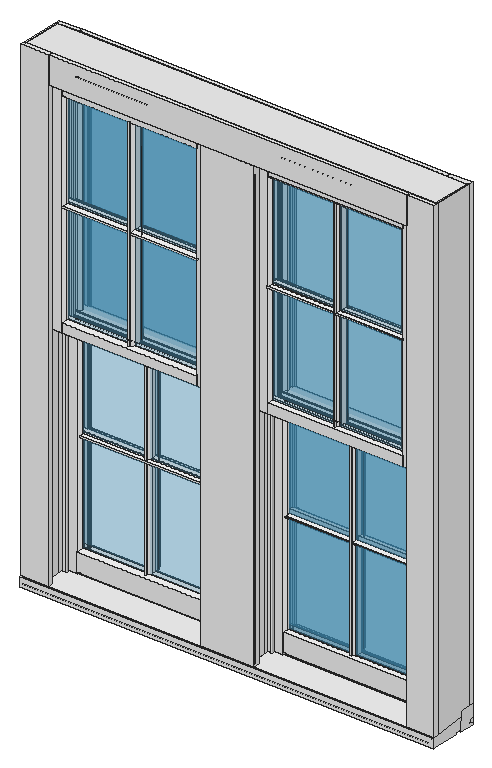
Revit family "B2-44", category Windows, host Wall, Revit 2012
Parameters
  metal = Matel
  Wood = WindowColor
  Str.Tolrance = 11 mm
  Height = 1770 mm
  Glass = Glass
  Default Sill Height = 200 mm
  Wall Closure = By host
  Width = 1506 mm
Reference planes
  plane 1 "Center (Front/Back)": y = 0
  plane 2: z = 0
  plane 3 "Center (Left/Right)": x = 0
  plane 4 "Left": x = -753
  plane 5 "Right": x = 753
  plane 6 "Sill": z = 200
  plane 7 "Top": z = 1970
  plane 8: y = 33.076
  plane 9: z = 1085
  plane 10: x = 653
  plane 11: x = -653
  plane 12: x = -626.955
  plane 13: x = 626.955
  plane 14: z = 1844
  plane 15: z = 326
  plane 16: z = 1870
  plane 17: z = 1008.481
  plane 18: z = 233
  plane 19: z = 1888
  plane 20: z = 268
  plane 21: x = -68
  plane 22: x = 671
  plane 23: x = 78
  plane 24: z = 1107
  plane 25: z = 1063
  plane 26: x = -122.245
  plane 27: x = 122.245
  plane 28: x = -376.5
  plane 29: x = 374.6
  plane 30: z = 1884
  plane 31: z = 1475.5
  plane 32: z = 694.5
Forms (mm)
  Sweep 1, solid, material "Matel" <- "metal"
    path origin (0, 0, 0) x (1, 0, 0) y (0, 0, 1)
      loop
        line (653.079, 1970) -> (-653, 1970)
    profile origin (0.039, 0, 1970) x (0, 0, -1) y (0, -1, 0)
      loop
        line (0, 87) -> (0, 72) -> (6, 72) -> (6, 67) -> (65, 67) -> (65, 72) -> (73, 72) -> (73, 67) -> (82, 67) -> (88, 67) -> (88, 70) -> (90.25, 70) -> (91.246, 70) -> (91.246, 70.819) -> (90.25, 70.456) -> (91.246, 71.452) -> (90.25, 71.452) -> (91.246, 72.288) -> (90.25, 72.288) -> (91.5, 74) -> (92.75, 72.288) -> (91.754, 72.288) -> (92.75, 71.452) -> (91.754, 71.452) -> (92.75, 70.456) -> (91.754, 70.819) -> (91.754, 70) -> (95, 70) -> (95, 67) -> (100, 67) -> (100, 87) -> (0, 87)
  Sweep 2, solid, material "Matel" <- "metal"
    path origin (0, 0, 0) x (1, 0, 0) y (0, 0, 1)
      loop
        line (747.079, 1970) -> (-747.079, 1970)
    profile origin (0, 0, 1970) x (0, 0, -1) y (0, -1, 0)
      loop
        line (0, -72) -> (6, -72) -> (6, 72) -> (0, 72) -> (0, -72)
  Sweep 3, solid
    path origin (0, 0, 0) x (1, 0, 0) y (0, 0, 1)
      loop
        line (653, 1970) -> (-653, 1970)
    profile origin (0, 0, 1970) x (0, 0, -1) y (0, -1, 0)
      loop
        line (82, -67) -> (82, -4) -> (75, -4) -> (75, 4) -> (82, 4) -> (82, 67) -> (73, 67) -> (73, 72) -> (65, 72) -> (65, 67) -> (6, 67) -> (6, -67) -> (65, -67) -> (65, -72) -> (73, -72) -> (73, -67) -> (82, -67)
  Sweep 4, solid, material "Matel" <- "metal"
    path origin (0, 0, 0) x (1, 0, 0) y (0, 0, 1)
      loop
        line (753, 1970) -> (753, 200)
    profile origin (753, 0, 1085) x (0, -1, 0) y (1, 0, 0)
      loop
        line (72, -5.921) -> (72, -65) -> (72, -99.921) -> (87, -99.921) -> (87, 0.079) -> (72, 0.079) -> (72, -5.921)
  Sweep 5, solid, material "Matel" <- "metal"
    path origin (0, 0, 0) x (1, 0, 0) y (0, 0, 1)
      loop
        line (753, 1870) -> (753, 200)
    profile origin (753, 0, 1035) x (0, -1, 0) y (1, 0, 0)
      loop
        line (-67, -56) -> (-67, -65) -> (-72, -65) -> (-72, -73) -> (-67, -73) -> (-67, -82) -> (67, -82) -> (67, -73) -> (72, -73) -> (72, -65) -> (67, -65) -> (67, -56) -> (-67, -56)
  Sweep 6, solid, material "Matel" <- "metal"
    path origin (0, 0, 0) x (-1, 0, 0) y (0, 0, 1)
      loop
        line (753, 1970) -> (753, 200)
    profile origin (-753, 0, 1085) x (0, -1, 0) y (1, 0, 0)
      loop
        line (72, 5.921) -> (-72, 5.921) -> (-72, -0.079) -> (72, -0.079) -> (72, 5.921)
  Sweep 7, solid, material "Matel" <- "metal"
    path origin (0, 0, 0) x (-1, 0, 0) y (0, 0, 1)
      loop
        line (753, 1870) -> (753, 200)
    profile origin (-753, 0, 1035) x (0, -1, 0) y (1, 0, 0)
      loop
        line (-67, 56) -> (67, 56) -> (67, 65) -> (72, 65) -> (72, 73) -> (67, 73) -> (67, 82) -> (-67, 82) -> (-67, 73) -> (-72, 73) -> (-72, 65) -> (-67, 65) -> (-67, 56)
  Sweep 8, solid, material "Matel" <- "metal"
    path origin (0, 0, 0) x (1, 0, 0) y (0, 0, 1)
      loop
        line (753, 200) -> (753, 1870)
    profile origin (753, 0, 1035) x (-1, 0, 0) y (0, -1, 0)
      loop
        line (8.659, 13.181) -> (53.659, 13.181) -> (53.659, 58.181) -> (8.659, 58.181) -> (8.659, 13.181)
      loop
        circle (31.159, 35.681) r 3.5
      loop
        circle (31.159, -35.319) r 3.5
      loop
        line (53.659, -57.819) -> (53.659, -12.819) -> (8.659, -12.819) -> (8.659, -57.819) -> (53.659, -57.819)
      loop
        line (7.159, 1.681) -> (7.159, -1.319) -> (55.159, -1.319) -> (55.159, 1.681) -> (7.159, 1.681)
      loop
        line (82.159, -3.819) -> (96.159, -3.819)
        arc (96.159, -3.819) -> (100.159, 0.181) -> (96.159, 4.181) r 4
        line (96.159, 4.181) -> (75.159, 4.181) -> (75.159, -3.819) -> (82.159, -3.819)
  Sweep 9, solid, material "Matel" <- "metal"
    path origin (0, 0, 0) x (1, 0, 0) y (0, 0, 1)
      loop
        line (753, 200) -> (753, 1870)
    profile origin (753, 0, 1035) x (-1, 0, 0) y (0, -1, 0)
      loop
        line (79, -43.784) -> (79, -50.284) -> (82, -50.284) -> (82, -21.284) -> (79, -21.284) -> (79, -27.784) -> (34, -27.784) -> (34, -43.784) -> (79, -43.784)
      loop
        line (34, 27.216) -> (79, 27.216) -> (79, 20.716) -> (82, 20.716) -> (82, 49.716) -> (79, 49.716) -> (79, 43.216) -> (34, 43.216) -> (34, 27.216)
  Sweep 10, solid, material "Matel" <- "metal"
    path origin (0, 0, 0) x (-1, 0, 0) y (0, 0, 1)
      loop
        line (753, 200) -> (753, 1870)
    profile origin (-753, 0, 1035) x (-1, 0, 0) y (0, -1, 0)
      loop
        line (-8.659, 13.181) -> (-8.659, 58.181) -> (-53.659, 58.181) -> (-53.659, 13.181) -> (-8.659, 13.181)
      loop
        circle (-31.159, 35.681) r 3.5
      loop
        circle (-31.159, -35.319) r 3.5
      loop
        line (-53.659, -57.819) -> (-8.659, -57.819) -> (-8.659, -12.819) -> (-53.659, -12.819) -> (-53.659, -57.819)
      loop
        line (-7.159, 1.681) -> (-55.159, 1.681) -> (-55.159, -1.319) -> (-7.159, -1.319) -> (-7.159, 1.681)
      loop
        line (-82.159, -3.819) -> (-75.159, -3.819) -> (-75.159, 4.181) -> (-96.159, 4.181)
        arc (-96.159, 4.181) -> (-100.159, 0.181) -> (-96.159, -3.819) r 4
        line (-96.159, -3.819) -> (-82.159, -3.819)
  Sweep 11, solid, material "Matel" <- "metal"
    path origin (0, 0, 0) x (1, 0, 0) y (0, 0, 1)
      loop
        line (753, 200) -> (-753, 200)
    profile origin (0, 0, 200) x (0, 0, -1) y (0, -1, 0)
      loop
        line (0, -87) -> (0, -33) -> (-33, -33) -> (-33, -38) -> (-48, -38) -> (-48, -33) -> (-52.913, -33)
        arc (-52.913, -33) -> (-55.913, -36) -> (-58.913, -33) r 3
        line (-58.913, -33) -> (-63.825, -33) -> (-68, -67) -> (-68, -87) -> (-20, -87) -> (-20, -77) -> (-10, -77) -> (-10, -87) -> (0, -87)
  Sweep 12, solid, material "Matel" <- "metal"
    path origin (0, 0, 0) x (1, 0, 0) y (0, 0, 1)
      loop
        line (753, 200) -> (-753, 200)
    profile origin (0, 0, 200) x (0, 0, -1) y (0, -1, 0)
      loop
        line (-5, -33) -> (-5, -13) -> (0, -13) -> (0, 80) -> (-2, 80)
        arc (-2, 80) -> (-5, 83) -> (-2, 86) r 3
        line (-2, 86) -> (0, 86) -> (0, 91) -> (-30.121, 91)
        arc (-30.121, 91) -> (-32.108, 90.247) -> (-33.098, 88.366) r 3
        line (-33.098, 88.366) -> (-48, -33) -> (-48, -38) -> (-33, -38) -> (-33, -33) -> (-5, -33)
  Sweep 13, solid, material "Matel" <- "metal"
    path origin (0, 0, 0) x (1, 0, 0) y (0, 0, 1)
      loop
        line (-128.237, 1970) -> (-620.955, 1970)
    profile origin (-374.596, 0, 1970) x (0, 0, -1) y (0, -1, 0)
      loop
        line (88.983, 5.47) -> (125.983, 5.47) -> (125.983, 53.47) -> (141.983, 53.47) -> (141.983, 55.47) -> (131.983, 65.47) -> (88.983, 65.47)
        arc (88.983, 65.47) -> (86.862, 64.591) -> (85.983, 62.47) r 3
        line (85.983, 62.47) -> (85.983, 16.47) -> (91.983, 16.47) -> (91.983, 13.47) -> (85.983, 13.47) -> (85.983, 8.47)
        arc (85.983, 8.47) -> (86.862, 6.348) -> (88.983, 5.47) r 3
      loop
        arc (96, -3.819) -> (100, 0.181) -> (96, 4.181) r 4
        line (96, 4.181) -> (75, 4.181) -> (75, -3.819) -> (82, -3.819) -> (96, -3.819)
  Sweep 14, solid, material "Matel" <- "metal"
    path origin (0, 0, 0) x (1, 0, 0) y (0, 0, 1)
      loop
        line (0, 1870) -> (0, 233)
    profile origin (0, 0, 1051.5) x (0, -1, 0) y (1, 0, 0)
      loop
        line (-87, 78.266) -> (-87, -78.266) -> (-67, -78.266) -> (-67, -69.266) -> (-72, -69.266) -> (-72, -61.266) -> (-67, -61.266) -> (-67, -52.266) -> (-67, 52.266) -> (-67, 61.266) -> (-72, 61.266) -> (-72, 69.266) -> (-67, 69.266) -> (-67, 78.266) -> (-87, 78.266)
      loop
        line (87, 96.266) -> (67, 96.266) -> (67, 91.266) -> (70, 91.266) -> (70, 88.098) -> (70.8, 88.098) -> (70.41, 89.016) -> (71.49, 88.098) -> (71.49, 89.007) -> (72.56, 88.098) -> (72.56, 88.952) -> (74, 88.28) -> (74, 87.42) -> (72.56, 86.52) -> (72.56, 87.374) -> (71.49, 86.528) -> (71.49, 87.435) -> (70.391, 86.516) -> (70.8, 87.435) -> (70, 87.435) -> (70, 84.266) -> (67, 84.266) -> (67, 69.266) -> (72, 69.266) -> (72, 61.266) -> (67, 61.266) -> (67, 3.733) -> (67, -61.266) -> (72, -61.266) -> (72, -69.266) -> (67, -69.266) -> (67, -84.266) -> (70, -84.266) -> (70, -87.435) -> (70.8, -87.435) -> (70.391, -86.516) -> (71.49, -87.435) -> (71.49, -86.528) -> (72.56, -87.374) -> (72.56, -86.52) -> (74, -87.42) -> (74, -88.28) -> (72.56, -88.952) -> (72.56, -88.098) -> (71.49, -89.007) -> (71.49, -88.098) -> (70.41, -89.016) -> (70.8, -88.098) -> (70, -88.098) -> (70, -91.266) -> (67, -91.266) -> (67, -96.266) -> (87, -96.266) -> (87, 96.266)
  Sweep 15, solid, material "Matel" <- "metal"
    path origin (0, 0, 0) x (1, 0, 0) y (0, 0, 1)
      loop
        line (0, 1870) -> (0, 233)
    profile origin (0, 0, 1051.5) x (0, -1, 0) y (1, 0, 0)
      loop
        line (-67, 52.266) -> (67, 52.266) -> (67, 61.266) -> (72, 61.266) -> (72, 69.266) -> (67, 69.266) -> (67, 78.266) -> (-67, 78.266) -> (-67, 69.266) -> (-72, 69.266) -> (-72, 61.266) -> (-67, 61.266) -> (-67, 52.266)
      loop
        line (-67, -78.266) -> (67, -78.266) -> (67, -69.266) -> (72, -69.266) -> (72, -61.266) -> (67, -61.266) -> (67, -52.266) -> (-67, -52.266) -> (-67, -61.266) -> (-72, -61.266) -> (-72, -69.266) -> (-67, -69.266) -> (-67, -78.266)
  Sweep 16, solid, material "Matel" <- "metal"
    path origin (0, 0, 0) x (1, 0, 0) y (0, 0, 1)
      loop
        line (0, 1870) -> (0, 233)
    profile origin (0, 0, 1051.5) x (0, -1, 0) y (1, 0, 0)
      loop
        line (13.691, -4.79) -> (13.691, -49.79) -> (58.691, -49.79) -> (58.691, -4.79) -> (13.691, -4.79)
      loop
        circle (36.191, -27.29) r 3.5
      loop
        circle (-34.809, -27.29) r 3.5
      loop
        line (-57.309, -49.79) -> (-12.309, -49.79) -> (-12.309, -4.79) -> (-57.309, -4.79) -> (-57.309, -49.79)
      loop
        line (2.191, -3.29) -> (-0.809, -3.29) -> (-0.809, -51.29) -> (2.191, -51.29) -> (2.191, -3.29)
      loop
        line (-3.309, -78.29) -> (-3.309, -92.29)
        arc (-3.309, -92.29) -> (0.691, -96.29) -> (4.691, -92.29) r 4
        line (4.691, -92.29) -> (4.691, -71.29) -> (-3.309, -71.29) -> (-3.309, -78.29)
  Sweep 17, solid, material "Matel" <- "metal"
    path origin (0, 0, 0) x (-1, 0, 0) y (0, 0, 1)
      loop
        line (0, 1870) -> (0, 233)
    profile origin (0, 0, 1051.5) x (0, -1, 0) y (1, 0, 0)
      loop
        line (13.691, 4.79) -> (58.691, 4.79) -> (58.691, 49.79) -> (13.691, 49.79) -> (13.691, 4.79)
      loop
        circle (36.191, 27.29) r 3.5
      loop
        circle (-34.809, 27.29) r 3.5
      loop
        line (-57.309, 49.79) -> (-57.309, 4.79) -> (-12.309, 4.79) -> (-12.309, 49.79) -> (-57.309, 49.79)
      loop
        line (2.191, 3.29) -> (2.191, 51.29) -> (-0.809, 51.29) -> (-0.809, 3.29) -> (2.191, 3.29)
      loop
        line (-3.309, 78.29) -> (-3.309, 71.29) -> (4.691, 71.29) -> (4.691, 92.29)
        arc (4.691, 92.29) -> (0.691, 96.29) -> (-3.309, 92.29) r 4
        line (-3.309, 92.29) -> (-3.309, 78.29)
  Sweep 18, solid, material "Matel" <- "metal"
    path origin (0, 0, 0) x (1, 0, 0) y (0, 0, 1)
      loop
        line (0, 1870) -> (0, 233)
    profile origin (0, 0, 1051.5) x (0, -1, 0) y (1, 0, 0)
      loop
        line (-42.517, -75.266) -> (-49.017, -75.266) -> (-49.017, -78.266) -> (-20.017, -78.266) -> (-20.017, -75.266) -> (-26.517, -75.266) -> (-26.517, -30.266) -> (-42.517, -30.266) -> (-42.517, -75.266)
      loop
        line (28.483, -30.266) -> (28.483, -75.266) -> (21.983, -75.266) -> (21.983, -78.266) -> (50.983, -78.266) -> (50.983, -75.266) -> (44.483, -75.266) -> (44.483, -30.266) -> (28.483, -30.266)
      loop
        line (-42.517, 75.266) -> (-42.517, 30.266) -> (-26.517, 30.266) -> (-26.517, 75.266) -> (-20.017, 75.266) -> (-20.017, 78.266) -> (-49.017, 78.266) -> (-49.017, 75.266) -> (-42.517, 75.266)
      loop
        line (28.483, 30.266) -> (44.483, 30.266) -> (44.483, 75.266) -> (50.983, 75.266) -> (50.983, 78.266) -> (21.983, 78.266) -> (21.983, 75.266) -> (28.483, 75.266) -> (28.483, 30.266)
  Sweep 19, solid, material "Matel" <- "metal"
    path origin (0, 0, 0) x (1, 0, 0) y (0, 0, 1)
      loop
        line (-78.266, 1888) -> (-671, 1888) -> (-671, 268) -> (-78.266, 268) -> (-78.266, 1888)
    profile origin (-374.633, 0, 1888) x (0, 0, -1) y (0, -1, 0)
      loop
        line (15, -67) -> (0, -67) -> (0, -81) -> (3, -81)
        arc (3, -81) -> (9, -87) -> (15, -81) r 6
        line (15, -81) -> (15, -67)
  Sweep 20, solid, material "Matel" <- "metal"
    path origin (0, 0, 0) x (-1, 0, 0) y (0, 0, 1)
      loop
        line (-78, 1888) -> (-671, 1888) -> (-671, 268) -> (-78, 268) -> (-78, 1888)
    profile origin (374.5, 0, 1888) x (0, 0, 1) y (0, -1, 0)
      loop
        line (-15, -67) -> (-15, -81)
        arc (-15, -81) -> (-9, -87) -> (-3, -81) r 6
        line (-3, -81) -> (0, -81) -> (0, -67) -> (-15, -67)
  Sweep 21, solid, material "Matel" <- "metal"
    path origin (0, 0, 0) x (1, 0, 0) y (0, 0, 1)
      loop
        line (-128.237, 1085) -> (-620.955, 1085)
    profile origin (-374.596, 0, 1085) x (0, 0, -1) y (0, -1, 0)
      loop
        line (19, -50.836) -> (22, -50.836) -> (22, -46.836) -> (18, -45.836) -> (18, -42.836) -> (6, -42.836) -> (6, -61.836) -> (11, -61.836) -> (11, -58.836)
        arc (11, -58.836) -> (16.657, -56.493) -> (19, -50.836) r 8
      loop
        line (10, -38.836) -> (20, -38.836) -> (20, -22.836) -> (10, -22.836) -> (10, -38.836)
      loop
        line (22, 6.164) -> (22, 66.164) -> (-12, 66.164) -> (-22, 56.164) -> (-22, 54.164) -> (-6, 54.164) -> (-6, 12.164) -> (-3, 12.164) -> (-3, 6.164) -> (22, 6.164)
      loop
        line (-20, 32.164) -> (-10, 32.164) -> (-10, 48.164) -> (-20, 48.164) -> (-20, 32.164)
  Sweep 22, solid, material "Matel" <- "metal", detail levels fine
    path origin (0, 0, 0) x (1, 0, 0) y (0, 0, 1)
      loop
        line (-376.5, 1107) -> (-376.5, 1839.017)
    profile origin (-376.5, 0, 1473.008) x (-1, 0, 0) y (0, -1, 0)
      loop
        line (8.934, 26.029) -> (-11.066, 26.029) -> (-11.066, 20.029) -> (-9.066, 20.029) -> (-9.066, 17.529) -> (-3.566, 10.029) -> (-3.566, 8.029) -> (1.434, 8.029) -> (1.434, 10.029) -> (6.934, 17.529) -> (6.934, 20.029) -> (8.934, 20.029) -> (8.934, 26.029)
      loop
        line (8.934, 57.214) -> (1.485, 65.368) -> (1.485, 67.368) -> (-3.515, 67.368) -> (-3.515, 65.368) -> (-11.066, 54.414) -> (8.934, 54.414) -> (8.934, 57.214)
  Sweep 23, solid, material "Matel" <- "metal"
    path origin (0, 0, 0) x (-1, 0, 0) y (0, 0, 1)
      loop
        line (753, 200) -> (753, 1870)
    profile origin (-753, 0, 1035) x (-1, 0, 0) y (0, -1, 0)
      loop
        line (-79, -43.784) -> (-34, -43.784) -> (-34, -27.784) -> (-79, -27.784) -> (-79, -21.284) -> (-82, -21.284) -> (-82, -50.284) -> (-79, -50.284) -> (-79, -43.784)
      loop
        line (-34, 27.216) -> (-34, 43.216) -> (-79, 43.216) -> (-79, 49.716) -> (-82, 49.716) -> (-82, 20.716) -> (-79, 20.716) -> (-79, 27.216) -> (-34, 27.216)
  Sweep 24, solid, material "Matel" <- "metal"
    path origin (749.2, 0, 0) x (1, 0, 0) y (0, 0, 1)
      loop
        line (-122.245, 1870) -> (-122.245, 1085)
    profile origin (626.955, 0, 1477.5) x (0, -1, 0) y (1, 0, 0)
      loop
        line (-61.836, 0) -> (-61.836, -5) -> (-58.836, -5)
        arc (-58.836, -5) -> (-56.493, -10.657) -> (-50.836, -13) r 8
        line (-50.836, -13) -> (-50.836, -16) -> (-46.836, -16) -> (-45.836, -12) -> (-42.836, -12) -> (-42.836, 0) -> (-61.836, 0)
  Sweep 25, solid
    path origin (0, 0, 0) x (1, 0, 0) y (0, 0, 1)
      loop
        line (-626.955, 1870) -> (-122.245, 1870)
    profile origin (-374.6, 0, 1870) x (0, 0, 1) y (0, -1, 0)
      loop
        line (-25.983, 7.97) -> (-25.983, 26.97) -> (-37.983, 26.97) -> (-37.983, 23.97) -> (-41.983, 22.97) -> (-41.983, 18.97) -> (-38.983, 18.97)
        arc (-38.983, 18.97) -> (-36.64, 13.313) -> (-30.983, 10.97) r 8
        line (-30.983, 10.97) -> (-30.983, 7.97) -> (-25.983, 7.97)
  Sweep 26, solid, material "Matel" <- "metal", detail levels fine
    path origin (0, 0, 0) x (-1, 0, 0) y (0, 0, -1)
      loop
        line (-374.6, -1107) -> (-374.6, -1838.017)
    profile origin (374.6, 0, 1472.508) x (-1, 0, 0) y (0, -1, 0)
      loop
        line (-8.934, 26.029) -> (-8.934, 20.029) -> (-6.934, 20.029) -> (-6.934, 17.529) -> (-1.434, 10.029) -> (-1.434, 8.029) -> (3.566, 8.029) -> (3.566, 10.029) -> (9.066, 17.529) -> (9.066, 20.029) -> (11.066, 20.029) -> (11.066, 26.029) -> (-8.934, 26.029)
      loop
        line (-8.934, 57.214) -> (-8.934, 54.414) -> (11.066, 54.414) -> (3.515, 65.368) -> (3.515, 67.368) -> (-1.485, 67.368) -> (-1.485, 65.368) -> (-8.934, 57.214)
  Sweep 27, solid, material "Matel" <- "metal"
    path origin (0, 0, 0) x (-1, 0, 0) y (0, 0, 1)
      loop
        line (128.237, 268) -> (620.955, 268)
    profile origin (-374.596, 0, 268) x (0, 0, -1) y (0, -1, 0)
      loop
        line (18.317, -15.045) -> (12.685, -15.045) -> (12.685, -12.045) -> (20.101, -12.045) -> (20.67, -7.41)
        arc (20.67, -7.41) -> (19.939, -5.057) -> (17.693, -4.045) r 3
        line (17.693, -4.045) -> (-50.332, -4.045) -> (-60.332, -14.045) -> (-60.332, -16.045) -> (-44.332, -16.045) -> (-44.332, -30.045) -> (-4.998, -30.045) -> (-4.998, -26.045) -> (16.966, -26.045) -> (18.317, -15.045)
      loop
        line (-44.332, -64.045) -> (-5.354, -64.045)
        arc (-5.354, -64.045) -> (-3.366, -63.291) -> (-2.376, -61.41) r 3
        line (-2.376, -61.41) -> (-1.717, -56.045) -> (-7.349, -56.045) -> (-7.349, -53.045) -> (-1.349, -53.045) -> (0.002, -42.045) -> (-4.998, -42.045) -> (-4.998, -38.045) -> (-44.332, -38.045) -> (-44.332, -64.045)
  Sweep 28, solid, material "Matel" <- "metal"
    path origin (0, 0, 0) x (1, 0, 0) y (0, 0, 1)
      loop
        line (610.955, 268) -> (138.245, 268)
    profile origin (374.6, 0, 268) x (0, 0, -1) y (0, -1, 0)
      loop
        line (-44.332, -61.836) -> (-44.332, -42.836) -> (-56.332, -42.836) -> (-56.332, -45.836) -> (-60.332, -46.836) -> (-60.332, -50.836) -> (-57.332, -50.836)
        arc (-57.332, -50.836) -> (-54.989, -56.493) -> (-49.332, -58.836) r 8
        line (-49.332, -58.836) -> (-49.332, -61.836) -> (-44.332, -61.836)
  Sweep 29, solid, material "Matel" <- "metal", detail levels fine
    path origin (0, 0, 2851.8) x (1, 0, 0) y (0, 0, 1)
      loop
        line (-376.5, -1788.8) -> (-376.5, -2525.8)
    profile origin (-376.5, 0, 694.5) x (0, -1, 0) y (1, 0, 0)
      loop
        line (-50.846, -8.934) -> (-50.846, 11.066) -> (-56.846, 11.066) -> (-56.846, 9.066) -> (-59.346, 9.066) -> (-66.846, 3.566) -> (-68.846, 3.566) -> (-68.846, -1.434) -> (-66.846, -1.434) -> (-59.346, -6.934) -> (-56.846, -6.934) -> (-56.846, -8.934) -> (-50.846, -8.934)
      loop
        line (-19.661, -8.934) -> (-11.507, -1.485) -> (-9.507, -1.485) -> (-9.507, 3.515) -> (-11.507, 3.515) -> (-22.461, 11.066) -> (-22.461, -8.934) -> (-19.661, -8.934)
  Sweep 30, solid, material "Matel" <- "metal", detail levels fine
    path origin (0, 0, 2851.8) x (-1, 0, 0) y (0, 0, -1)
      loop
        line (-374.6, 1788.8) -> (-374.6, 2523.468)
    profile origin (374.6, 0, 695.666) x (0, -1, 0) y (1, 0, 0)
      loop
        line (-47.721, 8.934) -> (-53.721, 8.934) -> (-53.721, 6.934) -> (-56.221, 6.934) -> (-63.721, 1.434) -> (-65.721, 1.434) -> (-65.721, -3.566) -> (-63.721, -3.566) -> (-56.221, -9.066) -> (-53.721, -9.066) -> (-53.721, -11.066) -> (-47.721, -11.066) -> (-47.721, 8.934)
      loop
        line (-16.536, 8.934) -> (-19.336, 8.934) -> (-19.336, -11.066) -> (-8.382, -3.515) -> (-6.382, -3.515) -> (-6.382, 1.485) -> (-8.382, 1.485) -> (-16.536, 8.934)
  Sweep 31, solid, material "Matel" <- "metal", detail levels fine
    path origin (0, 0, 0) x (1, 0, 0) y (0, 0, 1)
      loop
        line (374.6, 1107) -> (374.6, 1844)
    profile origin (374.6, 0, 1475.5) x (-1, 0, 0) y (0, -1, 0)
      loop
        line (9.723, 31.765) -> (9.723, 47.765) -> (-10.277, 47.765) -> (-10.277, 31.765) -> (9.723, 31.765)
  Sweep 32, solid, material "Matel" <- "metal", detail levels fine
    path origin (0, 0, 0) x (-1, 0, 0) y (0, 0, 1)
      loop
        line (376.5, 1107) -> (376.5, 1844)
    profile origin (-376.5, 0, 1475.5) x (-1, 0, 0) y (0, -1, 0)
      loop
        line (-10.348, 31.765) -> (9.652, 31.765) -> (9.652, 47.765) -> (-10.348, 47.765) -> (-10.348, 31.765)
  Sweep 33, solid, material "Matel" <- "metal", detail levels fine
    path origin (0, 0, 0) x (1, 0, 0) y (0, 0, 1)
      loop
        line (374.6, 1063) -> (374.6, 326)
    profile origin (374.6, 0, 694.5) x (0, -1, 0) y (1, 0, 0)
      loop
        line (-41.045, -10) -> (-25.045, -10) -> (-25.045, 10) -> (-41.045, 10) -> (-41.045, -10)
  Sweep 34, solid, material "Matel" <- "metal", detail levels fine
    path origin (0, 0, 0) x (-1, 0, 0) y (0, 0, 1)
      loop
        line (376.5, 1063) -> (376.5, 326)
    profile origin (-376.5, 0, 694.5) x (0, -1, 0) y (1, 0, 0)
      loop
        line (-41.045, 10) -> (-41.045, -10) -> (-25.045, -10) -> (-25.045, 10) -> (-41.045, 10)
  Sweep 35, solid, material "Matel" <- "metal", detail levels fine
    path origin (0, 0, 0) x (-1, 0, 0) y (0, 0, 1)
      loop
        line (376.5, 1107) -> (376.5, 1844)
    profile origin (-376.5, 0, 1475.5) x (-1, 0, 0) y (0, -1, 0)
      loop
        line (-9.723, 31.765) -> (10.277, 31.765) -> (10.277, 47.765) -> (-9.723, 47.765) -> (-9.723, 31.765)
  Sweep 36, solid, material "Matel" <- "metal"
    path origin (0, 0, 0) x (1, 0, 0) y (0, 0, 1)
      loop
        line (671, 1085) -> (671, 1870)
    profile origin (671, 0, 1477.5) x (-1, 0, 0) y (0, -1, 0)
      loop
        line (50.045, -5.271) -> (7.045, -5.271)
        arc (7.045, -5.271) -> (4.923, -6.15) -> (4.045, -8.271) r 3
        line (4.045, -8.271) -> (4.045, -13.271) -> (10.045, -13.271) -> (10.045, -16.271) -> (4.045, -16.271) -> (4.045, -29.271) -> (10.045, -29.271) -> (10.045, -41.271) -> (4.045, -41.271) -> (4.045, -62.271)
        arc (4.045, -62.271) -> (4.923, -64.393) -> (7.045, -65.271) r 3
        line (7.045, -65.271) -> (44.045, -65.271) -> (44.045, -17.271) -> (60.045, -17.271) -> (60.045, -15.271) -> (50.045, -5.271)
  Sweep 37, solid, material "Matel" <- "metal"
    path origin (0, 0, 0) x (1, 0, 0) y (0, 0, 1)
      loop
        line (671, 1870) -> (671, 1063)
    profile origin (671, 0, 1466.5) x (0, -1, 0) y (1, 0, 0)
      loop
        line (65.625, -50.045) -> (65.625, -7.045)
        arc (65.625, -7.045) -> (64.746, -4.923) -> (62.625, -4.045) r 3
        line (62.625, -4.045) -> (57.625, -4.045) -> (57.625, -10.045) -> (54.625, -10.045) -> (54.625, -4.045) -> (41.625, -4.045) -> (41.625, -10.045) -> (29.625, -10.045) -> (29.625, -4.045) -> (8.625, -4.045)
        arc (8.625, -4.045) -> (6.504, -4.923) -> (5.625, -7.045) r 3
        line (5.625, -7.045) -> (5.625, -44.045) -> (53.625, -44.045) -> (53.625, -60.045) -> (55.625, -60.045) -> (65.625, -50.045)
  Sweep 38, solid, material "Matel" <- "metal"
    path origin (999.5, 0, 0) x (-1, 0, 0) y (0, 0, 1)
      loop
        line (921.5, 1085) -> (921.5, 1870)
    profile origin (78, 0, 1477.5) x (-1, 0, 0) y (0, -1, 0)
      loop
        line (-50.045, -5.271) -> (-60.045, -15.271) -> (-60.045, -17.271) -> (-44.045, -17.271) -> (-44.045, -65.271) -> (-7.045, -65.271)
        arc (-7.045, -65.271) -> (-4.923, -64.393) -> (-4.045, -62.271) r 3
        line (-4.045, -62.271) -> (-4.045, -41.271) -> (-10.045, -41.271) -> (-10.045, -29.271) -> (-4.045, -29.271) -> (-4.045, -16.271) -> (-10.045, -16.271) -> (-10.045, -13.271) -> (-4.045, -13.271) -> (-4.045, -8.271)
        arc (-4.045, -8.271) -> (-4.923, -6.15) -> (-7.045, -5.271) r 3
        line (-7.045, -5.271) -> (-50.045, -5.271)
  Sweep 39, solid, material "Matel" <- "metal"
    path origin (-999.5, 0, 0) x (1, 0, 0) y (0, 0, 1)
      loop
        line (931.5, 1085) -> (931.5, 1870)
    profile origin (-68, 0, 1477.5) x (-1, 0, 0) y (0, -1, 0)
      loop
        line (60.237, -5.271) -> (17.237, -5.271)
        arc (17.237, -5.271) -> (15.116, -6.15) -> (14.237, -8.271) r 3
        line (14.237, -8.271) -> (14.237, -13.271) -> (20.237, -13.271) -> (20.237, -16.271) -> (14.237, -16.271) -> (14.237, -29.271) -> (20.237, -29.271) -> (20.237, -41.271) -> (14.237, -41.271) -> (14.237, -62.271)
        arc (14.237, -62.271) -> (15.116, -64.393) -> (17.237, -65.271) r 3
        line (17.237, -65.271) -> (54.237, -65.271) -> (54.237, -17.271) -> (70.237, -17.271) -> (70.237, -15.271) -> (60.237, -5.271)
  Sweep 40, solid, material "Matel" <- "metal"
    path origin (-1154.5, 0, 0) x (1, 0, 0) y (0, 0, 1)
      loop
        line (1086.5, 1063) -> (1086.5, 1870)
    profile origin (-68, 0, 1466.5) x (-1, 0, 0) y (0, -1, 0)
      loop
        line (60.237, 65.354) -> (17.237, 65.354)
        arc (17.237, 65.354) -> (15.116, 64.475) -> (14.237, 62.354) r 3
        line (14.237, 62.354) -> (14.237, 57.354) -> (20.237, 57.354) -> (20.237, 54.354) -> (14.237, 54.354) -> (14.237, 41.354) -> (20.237, 41.354) -> (20.237, 29.354) -> (14.237, 29.354) -> (14.237, 8.354)
        arc (14.237, 8.354) -> (15.116, 6.232) -> (17.237, 5.354) r 3
        line (17.237, 5.354) -> (54.237, 5.354) -> (54.237, 53.354) -> (70.237, 53.354) -> (70.237, 55.354) -> (60.237, 65.354)
  Sweep 41, solid, material "Matel" <- "metal"
    path origin (0, 0, 0) x (-1, 0, 0) y (0, 0, 1)
      loop
        line (671, 1085) -> (671, 1870)
    profile origin (-671, 0, 1477.5) x (-1, 0, 0) y (0, -1, 0)
      loop
        line (-50.045, -5.271) -> (-60.045, -15.271) -> (-60.045, -17.271) -> (-44.045, -17.271) -> (-44.045, -65.271) -> (-7.045, -65.271)
        arc (-7.045, -65.271) -> (-4.923, -64.393) -> (-4.045, -62.271) r 3
        line (-4.045, -62.271) -> (-4.045, -41.271) -> (-10.045, -41.271) -> (-10.045, -29.271) -> (-4.045, -29.271) -> (-4.045, -16.271) -> (-10.045, -16.271) -> (-10.045, -13.271) -> (-4.045, -13.271) -> (-4.045, -8.271)
        arc (-4.045, -8.271) -> (-4.923, -6.15) -> (-7.045, -5.271) r 3
        line (-7.045, -5.271) -> (-50.045, -5.271)
  Sweep 42, solid, material "Matel" <- "metal"
    path origin (0, 0, 0) x (-1, 0, 0) y (0, 0, 1)
      loop
        line (671, 1870) -> (671, 1063)
    profile origin (-671, 0, 1466.5) x (0, -1, 0) y (1, 0, 0)
      loop
        line (65.625, 50.045) -> (55.625, 60.045) -> (53.625, 60.045) -> (53.625, 44.045) -> (5.625, 44.045) -> (5.625, 7.045)
        arc (5.625, 7.045) -> (6.504, 4.923) -> (8.625, 4.045) r 3
        line (8.625, 4.045) -> (29.625, 4.045) -> (29.625, 10.045) -> (41.625, 10.045) -> (41.625, 4.045) -> (54.625, 4.045) -> (54.625, 10.045) -> (57.625, 10.045) -> (57.625, 4.045) -> (62.625, 4.045)
        arc (62.625, 4.045) -> (64.746, 4.923) -> (65.625, 7.045) r 3
        line (65.625, 7.045) -> (65.625, 50.045)
  Sweep 43, solid, material "Matel" <- "metal"
    path origin (797.972, 0, -696.715) x (1, 0, 0) y (0, 0, 1)
      loop
        line (-126.972, 896.715) -> (-126.972, 1781.715)
    profile origin (671, 0, 642.5) x (-1, 0, 0) y (0, -1, 0)
      loop
        line (50.045, -5.271) -> (7.045, -5.271)
        arc (7.045, -5.271) -> (4.923, -6.15) -> (4.045, -8.271) r 3
        line (4.045, -8.271) -> (4.045, -13.271) -> (10.045, -13.271) -> (10.045, -16.271) -> (4.045, -16.271) -> (4.045, -29.271) -> (10.045, -29.271) -> (10.045, -41.271) -> (4.045, -41.271) -> (4.045, -62.271)
        arc (4.045, -62.271) -> (4.923, -64.393) -> (7.045, -65.271) r 3
        line (7.045, -65.271) -> (44.045, -65.271) -> (44.045, -17.271) -> (60.045, -17.271) -> (60.045, -15.271) -> (50.045, -5.271)
  Sweep 44, solid, material "Matel" <- "metal"
    path origin (999.5, 0, 0) x (-1, 0, 0) y (0, 0, 1)
      loop
        line (921.5, 200) -> (921.5, 1085)
    profile origin (78, 0, 642.5) x (-1, 0, 0) y (0, -1, 0)
      loop
        line (-50.045, -5.271) -> (-60.045, -15.271) -> (-60.045, -17.271) -> (-44.045, -17.271) -> (-44.045, -65.271) -> (-7.045, -65.271)
        arc (-7.045, -65.271) -> (-4.923, -64.393) -> (-4.045, -62.271) r 3
        line (-4.045, -62.271) -> (-4.045, -41.271) -> (-10.045, -41.271) -> (-10.045, -29.271) -> (-4.045, -29.271) -> (-4.045, -16.271) -> (-10.045, -16.271) -> (-10.045, -13.271) -> (-4.045, -13.271) -> (-4.045, -8.271)
        arc (-4.045, -8.271) -> (-4.923, -6.15) -> (-7.045, -5.271) r 3
        line (-7.045, -5.271) -> (-50.045, -5.271)
  Sweep 45, solid, material "Matel" <- "metal"
    path origin (-999.5, 0, 0) x (1, 0, 0) y (0, 0, 1)
      loop
        line (931.5, 200) -> (931.5, 1085)
    profile origin (-68, 0, 642.5) x (-1, 0, 0) y (0, -1, 0)
      loop
        line (60.237, -5.271) -> (17.237, -5.271)
        arc (17.237, -5.271) -> (15.116, -6.15) -> (14.237, -8.271) r 3
        line (14.237, -8.271) -> (14.237, -13.271) -> (20.237, -13.271) -> (20.237, -16.271) -> (14.237, -16.271) -> (14.237, -29.271) -> (20.237, -29.271) -> (20.237, -41.271) -> (14.237, -41.271) -> (14.237, -62.271)
        arc (14.237, -62.271) -> (15.116, -64.393) -> (17.237, -65.271) r 3
        line (17.237, -65.271) -> (54.237, -65.271) -> (54.237, -17.271) -> (70.237, -17.271) -> (70.237, -15.271) -> (60.237, -5.271)
  Sweep 46, solid, material "Matel" <- "metal"
    path origin (0, 0, 0) x (-1, 0, 0) y (0, 0, 1)
      loop
        line (671, 200) -> (671, 1085)
    profile origin (-671, 0, 642.5) x (-1, 0, 0) y (0, -1, 0)
      loop
        line (-50.045, -5.271) -> (-60.045, -15.271) -> (-60.045, -17.271) -> (-44.045, -17.271) -> (-44.045, -65.271) -> (-7.045, -65.271)
        arc (-7.045, -65.271) -> (-4.923, -64.393) -> (-4.045, -62.271) r 3
        line (-4.045, -62.271) -> (-4.045, -41.271) -> (-10.045, -41.271) -> (-10.045, -29.271) -> (-4.045, -29.271) -> (-4.045, -16.271) -> (-10.045, -16.271) -> (-10.045, -13.271) -> (-4.045, -13.271) -> (-4.045, -8.271)
        arc (-4.045, -8.271) -> (-4.923, -6.15) -> (-7.045, -5.271) r 3
        line (-7.045, -5.271) -> (-50.045, -5.271)
  Sweep 47, solid, material "Matel" <- "metal"
    path origin (749.2, 0, 0) x (1, 0, 0) y (0, 0, 1)
      loop
        line (-122.245, 1085) -> (-122.245, 200)
    profile origin (626.955, 0, 642.5) x (0, -1, 0) y (1, 0, 0)
      loop
        line (-61.836, 0) -> (-61.836, -5) -> (-58.836, -5)
        arc (-58.836, -5) -> (-56.493, -10.657) -> (-50.836, -13) r 8
        line (-50.836, -13) -> (-50.836, -16) -> (-46.836, -16) -> (-45.836, -12) -> (-42.836, -12) -> (-42.836, 0) -> (-61.836, 0)
  Sweep 48, solid, material "Matel" <- "metal"
    path origin (749.2, -70.586, 0) x (1, 0, 0) y (0, 0, 1)
      loop
        line (-122.245, 1870) -> (-122.245, 1085)
    profile origin (626.955, -70.586, 1477.5) x (0, -1, 0) y (1, 0, 0)
      loop
        line (-61.836, 0) -> (-61.836, -5) -> (-58.836, -5)
        arc (-58.836, -5) -> (-56.493, -10.657) -> (-50.836, -13) r 8
        line (-50.836, -13) -> (-50.836, -16) -> (-46.836, -16) -> (-45.836, -12) -> (-42.836, -12) -> (-42.836, 0) -> (-61.836, 0)
  Sweep 49, solid, material "Matel" <- "metal"
    path origin (250.3, 0.435, 0) x (-1, 0, 0) y (0, 0, -1)
      loop
        line (128.055, -1870) -> (128.055, -1085)
    profile origin (122.245, 0.435, 1477.5) x (0, -1, 0) y (1, 0, 0)
      loop
        line (-61.836, 0) -> (-42.836, 0) -> (-42.836, 12) -> (-45.836, 12) -> (-46.836, 16) -> (-50.836, 16) -> (-50.836, 13)
        arc (-50.836, 13) -> (-56.493, 10.657) -> (-58.836, 5) r 8
        line (-58.836, 5) -> (-61.836, 5) -> (-61.836, 0)
  Sweep 50, solid, material "Matel" <- "metal"
    path origin (250.3, 0.435, 0) x (-1, 0, 0) y (0, 0, -1)
      loop
        line (128.055, -1085) -> (128.055, -200)
    profile origin (122.245, 0.435, 642.5) x (0, -1, 0) y (1, 0, 0)
      loop
        line (-61.836, 0) -> (-42.836, 0) -> (-42.836, 12) -> (-45.836, 12) -> (-46.836, 16) -> (-50.836, 16) -> (-50.836, 13)
        arc (-50.836, 13) -> (-56.493, 10.657) -> (-58.836, 5) r 8
        line (-58.836, 5) -> (-61.836, 5) -> (-61.836, 0)
  Sweep 51, solid, material "Matel" <- "metal"
    path origin (250.1, -70.107, 0) x (-1, 0, 0) y (0, 0, -1)
      loop
        line (127.855, -1844) -> (127.855, -1085)
    profile origin (122.245, -70.107, 1464.5) x (0, -1, 0) y (1, 0, 0)
      loop
        line (-61.836, 0) -> (-42.836, 0) -> (-42.836, 12) -> (-45.836, 12) -> (-46.836, 16) -> (-50.836, 16) -> (-50.836, 13)
        arc (-50.836, 13) -> (-56.493, 10.657) -> (-58.836, 5) r 8
        line (-58.836, 5) -> (-61.836, 5) -> (-61.836, 0)
  Sweep 52, solid, material "Matel" <- "metal"
    path origin (250.1, 0.435, 0) x (-1, 0, 0) y (0, 0, -1)
      loop
        line (127.855, -1085) -> (127.855, -200)
    profile origin (122.245, 0.435, 642.5) x (0, -1, 0) y (1, 0, 0)
      loop
        line (-61.836, 0) -> (-42.836, 0) -> (-42.836, 12) -> (-45.836, 12) -> (-46.836, 16) -> (-50.836, 16) -> (-50.836, 13)
        arc (-50.836, 13) -> (-56.493, 10.657) -> (-58.836, 5) r 8
        line (-58.836, 5) -> (-61.836, 5) -> (-61.836, 0)
  Sweep 53, solid, material "Matel" <- "metal"
    path origin (-250.293, 0.935, 0) x (1, 0, 0) y (0, 0, 1)
      loop
        line (128.048, 1870) -> (128.048, 1085)
    profile origin (-122.245, 0.935, 1477.5) x (0, -1, 0) y (1, 0, 0)
      loop
        line (-61.836, 0) -> (-61.836, -5) -> (-58.836, -5)
        arc (-58.836, -5) -> (-56.493, -10.657) -> (-50.836, -13) r 8
        line (-50.836, -13) -> (-50.836, -16) -> (-46.836, -16) -> (-45.836, -12) -> (-42.836, -12) -> (-42.836, 0) -> (-61.836, 0)
  Sweep 54, solid, material "Matel" <- "metal"
    path origin (-250.293, 0.935, 0) x (1, 0, 0) y (0, 0, 1)
      loop
        line (128.048, 1085) -> (128.048, 200)
    profile origin (-122.245, 0.935, 642.5) x (0, -1, 0) y (1, 0, 0)
      loop
        line (-61.836, 0) -> (-61.836, -5) -> (-58.836, -5)
        arc (-58.836, -5) -> (-56.493, -10.657) -> (-50.836, -13) r 8
        line (-50.836, -13) -> (-50.836, -16) -> (-46.836, -16) -> (-45.836, -12) -> (-42.836, -12) -> (-42.836, 0) -> (-61.836, 0)
  Sweep 55, solid, material "Matel" <- "metal"
    path origin (-250.285, -70.19, 0) x (1, 0, 0) y (0, 0, 1)
      loop
        line (128.04, 1870) -> (128.04, 1085)
    profile origin (-122.245, -70.19, 1477.5) x (0, -1, 0) y (1, 0, 0)
      loop
        line (-61.836, 0) -> (-61.836, -5) -> (-58.836, -5)
        arc (-58.836, -5) -> (-56.493, -10.657) -> (-50.836, -13) r 8
        line (-50.836, -13) -> (-50.836, -16) -> (-46.836, -16) -> (-45.836, -12) -> (-42.836, -12) -> (-42.836, 0) -> (-61.836, 0)
  Sweep 56, solid, material "Matel" <- "metal"
    path origin (-749.415, 0.31, 0) x (-1, 0, 0) y (0, 0, -1)
      loop
        line (-122.46, -1870) -> (-122.46, -1085)
    profile origin (-626.955, 0.31, 1477.5) x (0, -1, 0) y (1, 0, 0)
      loop
        line (-61.836, 0) -> (-42.836, 0) -> (-42.836, 12) -> (-45.836, 12) -> (-46.836, 16) -> (-50.836, 16) -> (-50.836, 13)
        arc (-50.836, 13) -> (-56.493, 10.657) -> (-58.836, 5) r 8
        line (-58.836, 5) -> (-61.836, 5) -> (-61.836, 0)
  Sweep 57, solid, material "Matel" <- "metal"
    path origin (-749.415, 0.31, 0) x (-1, 0, 0) y (0, 0, -1)
      loop
        line (-122.46, -1085) -> (-122.46, -200)
    profile origin (-626.955, 0.31, 642.5) x (0, -1, 0) y (1, 0, 0)
      loop
        line (-61.836, 0) -> (-42.836, 0) -> (-42.836, 12) -> (-45.836, 12) -> (-46.836, 16) -> (-50.836, 16) -> (-50.836, 13)
        arc (-50.836, 13) -> (-56.493, 10.657) -> (-58.836, 5) r 8
        line (-58.836, 5) -> (-61.836, 5) -> (-61.836, 0)
  Sweep 58, solid, material "Matel" <- "metal"
    path origin (-749.414, -69.961, 0) x (-1, 0, 0) y (0, 0, -1)
      loop
        line (-122.459, -1870) -> (-122.459, -1085)
    profile origin (-626.955, -69.961, 1477.5) x (0, -1, 0) y (1, 0, 0)
      loop
        line (-61.836, 0) -> (-42.836, 0) -> (-42.836, 12) -> (-45.836, 12) -> (-46.836, 16) -> (-50.836, 16) -> (-50.836, 13)
        arc (-50.836, 13) -> (-56.493, 10.657) -> (-58.836, 5) r 8
        line (-58.836, 5) -> (-61.836, 5) -> (-61.836, 0)
  Extrusion 59, solid, material "Glass" <- "Glass"
    sketch origin (0, 126.875, 0) x (1, 0, 0) y (0, 0, 1)
      loop
        line (653, 1844) -> (122.245, 1844) -> (122.245, 1085) -> (653, 1085) -> (653, 1844)
    from 174.661 to 178.661
  Extrusion 60, solid, material "Glass" <- "Glass"
    sketch origin (0, -206.673, 0) x (1, 0, 0) y (0, 0, -1)
      loop
        line (653, -1844) -> (653, -1085) -> (122.245, -1085) -> (122.245, -1844) -> (653, -1844)
    from 175.402 to 179.402
  Extrusion 61, solid, material "Glass" <- "Glass"
    sketch origin (0, 84.532, 0) x (1, 0, 0) y (0, 0, -1)
      loop
        line (626.955, -1844) -> (626.955, -1085) -> (122.245, -1085) -> (122.245, -1844) -> (626.955, -1844)
    from -45.26 to -41.26
  Extrusion 62, solid, material "Glass" <- "Glass"
    sketch origin (0, 419.33, 0) x (1, 0, 0) y (0, 0, 1)
      loop
        line (626.955, 1844) -> (122.245, 1844) -> (122.245, 1085) -> (626.955, 1085) -> (626.955, 1844)
    from 396.808 to 400.808
  Extrusion 63, solid, material "Glass" <- "Glass"
    sketch origin (0, 126.875, 0) x (-1, 0, 0) y (0, 0, -1)
      loop
        line (626.955, -1844) -> (626.955, -1085) -> (122.245, -1085) -> (122.245, -1844) -> (626.955, -1844)
    from 174.661 to 178.661
  Extrusion 64, solid, material "Glass" <- "Glass"
    sketch origin (0, -206.673, 0) x (-1, 0, 0) y (0, 0, 1)
      loop
        line (626.955, 1844) -> (122.245, 1844) -> (122.245, 1085) -> (626.955, 1085) -> (626.955, 1844)
    from 175.402 to 179.402
  Extrusion 65, solid, material "Glass" <- "Glass"
    sketch origin (0, 84.532, 0) x (-1, 0, 0) y (0, 0, 1)
      loop
        line (653, 1844) -> (122.245, 1844) -> (122.245, 1085) -> (653, 1085) -> (653, 1844)
    from -45.26 to -41.26
  Extrusion 66, solid, material "Glass" <- "Glass"
    sketch origin (0, 419.33, 0) x (-1, 0, 0) y (0, 0, -1)
      loop
        line (626.955, -1844) -> (626.955, -1085) -> (122.245, -1085) -> (122.245, -1844) -> (626.955, -1844)
    from 396.808 to 400.808
  Extrusion 67, solid, material "Glass" <- "Glass"
    sketch origin (0, -126.875, 0) x (-1, 0, 0) y (0, 0, 1)
      loop
        line (626.955, 1844) -> (122.245, 1844) -> (122.245, 1085) -> (626.955, 1085) -> (626.955, 1844)
    from 174.661 to 178.661
  Extrusion 68, solid, material "Glass" <- "Glass"
    sketch origin (0, 215.423, 0) x (-1, 0, 0) y (0, 0, -1)
      loop
        line (626.955, -1844) -> (626.955, -1085) -> (122.245, -1085) -> (122.245, -1844) -> (626.955, -1844)
    from 172.277 to 176.277
  Extrusion 69, solid, material "Glass" <- "Glass"
    sketch origin (0, 0, 0) x (1, 0, 0) y (0, 0, 1)
      loop
        line (626.955, 1085) -> (122.245, 1085) -> (122.245, 326) -> (626.955, 326) -> (626.955, 1085)
    from -22.521 to -18.521
  Extrusion 70, solid, material "Glass" <- "Glass"
    sketch origin (0, -402.5, 0) x (1, 0, 0) y (0, 0, -1)
      loop
        line (626.955, -1085) -> (626.955, -326) -> (122.245, -326) -> (122.245, -1085) -> (626.955, -1085)
    from 441.771 to 445.771
  Extrusion 71, solid, material "Glass" <- "Glass"
    sketch origin (0, -571.562, 0) x (1, 0, 0) y (0, 0, -1)
      loop
        line (626.955, -1085) -> (626.955, -326) -> (122.245, -326) -> (122.245, -1085) -> (626.955, -1085)
    from 588.729 to 592.729
  Extrusion 72, solid, material "Glass" <- "Glass"
    sketch origin (0, -148.438, 0) x (1, 0, 0) y (0, 0, 1)
      loop
        line (626.955, 1079) -> (122.245, 1079) -> (122.245, 326) -> (626.955, 326) -> (626.955, 1079)
    from -169.714 to -165.714
  Extrusion 73, solid, material "Glass" <- "Glass"
    sketch origin (0, -620, 0) x (-1, 0, 0) y (0, 0, 1)
      loop
        line (626.955, 1085) -> (122.245, 1085) -> (122.245, 326) -> (626.955, 326) -> (626.955, 1085)
    from 659.146 to 663.146
  Extrusion 74, solid, material "Glass" <- "Glass"
    sketch origin (0, -217.5, 0) x (-1, 0, 0) y (0, 0, -1)
      loop
        line (626.955, -1085) -> (626.955, -326) -> (122.245, -326) -> (122.245, -1085) -> (626.955, -1085)
    from -240.021 to -236.021
  Extrusion 75, solid, material "Glass" <- "Glass"
    sketch origin (0, -620, 0) x (1, 0, 0) y (0, 0, -1)
      loop
        line (626.955, -1085) -> (626.955, -326) -> (122.245, -326) -> (122.245, -1085) -> (626.955, -1085)
    from 659.146 to 663.146
  Extrusion 76, solid, material "Glass" <- "Glass"
    sketch origin (0, -217.5, 0) x (1, 0, 0) y (0, 0, 1)
      loop
        line (626.955, 1085) -> (122.245, 1085) -> (122.245, 326) -> (626.955, 326) -> (626.955, 1085)
    from -240.021 to -236.021
  Extrusion 77, solid, material "Glass" <- "Glass"
    sketch origin (0, -620, 0) x (-1, 0, 0) y (0, 0, 1)
      loop
        line (626.955, 1085) -> (122.245, 1085) -> (122.245, 326) -> (626.955, 326) -> (626.955, 1085)
    from 659.146 to 663.146
  Extrusion 78, solid, material "Glass" <- "Glass"
    sketch origin (0, -217.5, 0) x (-1, 0, 0) y (0, 0, -1)
      loop
        line (626.955, -1085) -> (626.955, -326) -> (122.245, -326) -> (122.245, -1085) -> (626.955, -1085)
    from -240.021 to -236.021
  Sweep 79, solid, material "Matel" <- "metal"
    path origin (0, 0, 0) x (1, 0, 0) y (0, 0, 1)
      loop
        line (753, 1970) -> (753, 200)
    profile origin (753, 0, 1085) x (0, -1, 0) y (1, 0, 0)
      loop
        line (-87, 0) -> (-87, -82) -> (-72, -82) -> (-72, -5.921) -> (-72, 0) -> (-87, 0)
  Sweep 80, solid, material "Matel" <- "metal"
    path origin (0, 0, 0) x (-1, 0, 0) y (0, 0, 1)
      loop
        line (753, 1970) -> (753, 200)
    profile origin (-753, 0, 1085) x (0, -1, 0) y (1, 0, 0)
      loop
        line (87, -0.079) -> (87, 99.921) -> (72, 99.921) -> (72, 5.921) -> (72, -0.079) -> (87, -0.079)
  Sweep 81, solid, material "Matel" <- "metal"
    path origin (0, 0, 0) x (-1, 0, 0) y (0, 0, -1)
      loop
        line (753, -1970) -> (753, -200)
    profile origin (-753, 0, 1085) x (0, -1, 0) y (1, 0, 0)
      loop
        line (-87, 0) -> (-72, 0) -> (-72, 65) -> (-72, 82) -> (-87, 82) -> (-87, 0)
  Sweep 82, solid, material "Matel" <- "metal"
    path origin (0, 0, 0) x (1, 0, 0) y (0, 1, 0)
      loop
        line (753.079, 0) -> (747.079, 0)
    profile origin (750.079, 0, 0) x (0, -1, 0) y (0, 0, 1)
      loop
        line (-72, 1970) -> (-72, 1635) -> (-72, 1617) -> (-72, 268.614) -> (-33, 263.825) -> (-33, 258.913)
        arc (-33, 258.913) -> (-36, 255.913) -> (-33, 252.913) r 3
        line (-33, 252.913) -> (-33, 248) -> (72, 235.108) -> (72, 1605) -> (72, 1970) -> (-72, 1970)
  Sweep 83, solid, material "Matel" <- "metal"
    path origin (0, 0, 0) x (-1, 0, 0) y (0, 1, 0)
      loop
        line (753.079, 0) -> (747.079, 0)
    profile origin (-750.079, 0, 0) x (0, 1, 0) y (0, 0, 1)
      loop
        line (-72, 1605) -> (-72, 235.108) -> (33, 248) -> (33, 252.913)
        arc (33, 252.913) -> (36, 255.913) -> (33, 258.913) r 3
        line (33, 258.913) -> (33, 263.825) -> (72, 268.614) -> (72, 1970) -> (-72, 1970) -> (-72, 1605)
  Sweep 84, solid, material "Matel" <- "metal"
    path origin (0, 0, 0) x (1, 0, 0) y (0, 0, 1)
      loop
        line (671, 1970) -> (-671, 1970)
    profile origin (0, 0, 1970) x (0, 0, -1) y (0, -1, 0)
      loop
        line (0, -87) -> (82, -87) -> (82, -67) -> (73, -67) -> (73, -72) -> (65, -72) -> (65, -67) -> (6, -67) -> (6, -72) -> (0, -72) -> (0, -87)
  Sweep 85, solid, material "Matel" <- "metal"
    path origin (0, 0, 0) x (1, 0, 0) y (0, 0, 1)
      loop
        line (128.045, 268) -> (620.955, 268)
    profile origin (374.5, 0, 268) x (0, 0, 1) y (0, -1, 0)
      loop
        line (-18.317, -15.045) -> (-16.966, -26.045) -> (4.998, -26.045) -> (4.998, -30.045) -> (44.332, -30.045) -> (44.332, -16.045) -> (60.332, -16.045) -> (60.332, -14.045) -> (50.332, -4.045) -> (-17.693, -4.045)
        arc (-17.693, -4.045) -> (-19.939, -5.057) -> (-20.67, -7.41) r 3
        line (-20.67, -7.41) -> (-20.101, -12.045) -> (-12.685, -12.045) -> (-12.685, -15.045) -> (-18.317, -15.045)
      loop
        line (44.332, -64.045) -> (44.332, -38.045) -> (4.998, -38.045) -> (4.998, -42.045) -> (-0.002, -42.045) -> (1.349, -53.045) -> (7.349, -53.045) -> (7.349, -56.045) -> (1.717, -56.045) -> (2.376, -61.41)
        arc (2.376, -61.41) -> (3.366, -63.291) -> (5.354, -64.045) r 3
        line (5.354, -64.045) -> (44.332, -64.045)
  Sweep 86, solid, material "Matel" <- "metal"
    path origin (0, 0, 0) x (-1, 0, 0) y (0, 0, -1)
      loop
        line (-128.237, -1970) -> (-621.955, -1970)
    profile origin (375.096, 0, 1970) x (0, 0, 1) y (0, -1, 0)
      loop
        arc (-88.983, 5.47) -> (-86.862, 6.348) -> (-85.983, 8.47) r 3
        line (-85.983, 8.47) -> (-85.983, 13.47) -> (-91.983, 13.47) -> (-91.983, 16.47) -> (-85.983, 16.47) -> (-85.983, 62.47)
        arc (-85.983, 62.47) -> (-86.862, 64.591) -> (-88.983, 65.47) r 3
        line (-88.983, 65.47) -> (-131.983, 65.47) -> (-141.983, 55.47) -> (-141.983, 53.47) -> (-125.983, 53.47) -> (-125.983, 5.47) -> (-88.983, 5.47)
      loop
        line (-96, -3.819) -> (-82, -3.819) -> (-75, -3.819) -> (-75, 4.181) -> (-96, 4.181)
        arc (-96, 4.181) -> (-100, 0.181) -> (-96, -3.819) r 4
  Sweep 87, solid, material "Matel" <- "metal"
    path origin (0, 0, 0) x (-1, 0, 0) y (0, 0, -1)
      loop
        line (-128.237, -1085) -> (-620.955, -1085)
    profile origin (374.596, 0, 1085) x (0, 0, 1) y (0, -1, 0)
      loop
        arc (-19, -50.836) -> (-16.657, -56.493) -> (-11, -58.836) r 8
        line (-11, -58.836) -> (-11, -61.836) -> (-6, -61.836) -> (-6, -42.836) -> (-18, -42.836) -> (-18, -45.836) -> (-22, -46.836) -> (-22, -50.836) -> (-19, -50.836)
      loop
        line (-10, -38.836) -> (-10, -22.836) -> (-20, -22.836) -> (-20, -38.836) -> (-10, -38.836)
      loop
        line (-22, 6.164) -> (3, 6.164) -> (3, 12.164) -> (6, 12.164) -> (6, 54.164) -> (22, 54.164) -> (22, 56.164) -> (12, 66.164) -> (-22, 66.164) -> (-22, 6.164)
      loop
        line (20, 32.164) -> (20, 48.164) -> (10, 48.164) -> (10, 32.164) -> (20, 32.164)
  Sweep 88, solid, material "Matel" <- "metal"
    path origin (0, 0, 0) x (1, 0, 0) y (0, 0, 1)
      loop
        line (-135.245, 1085) -> (-626.955, 1085)
    profile origin (-381.1, 0, 1085) x (0, 0, -1) y (0, -1, 0)
      loop
        line (5.997, -18.709) -> (21.997, -18.709) -> (21.997, -6.709) -> (5.997, -6.709) -> (5.997, -12.929) -> (2.541, -12.929) -> (2.541, -6.709) -> (-7.003, -6.709) -> (-7.003, -1.709) -> (-17.003, 0.291) -> (-22.003, 0.291) -> (-22.003, -44.709) -> (5.997, -44.709) -> (5.997, -18.709)
      loop
        line (21.997, -2.709) -> (21.997, 4.291) -> (6.997, 4.291) -> (6.997, -0.709) -> (16.997, -2.709) -> (21.997, -2.709)
      loop
        line (-22.003, 4.291) -> (-6.003, 4.291) -> (-6.003, 26.291) -> (-18.003, 26.291) -> (-18.003, 23.291) -> (-22.003, 22.291) -> (-22.003, 4.291)
      loop
        line (5.157, -11.416) -> (5.157, -5.946) -> (9.132, -5.946)
        arc (9.132, -5.946) -> (10.335, -4.921) -> (9.811, -3.431) r 1.396
        line (9.811, -3.431) -> (5.729, -0.445)
        arc (5.729, -0.445) -> (4.416, -0.546) -> (4.314, -1.859) r 1.012
        line (4.314, -1.859) -> (7.126, -3.916) -> (3.157, -3.916) -> (3.157, -11.416)
        arc (3.157, -11.416) -> (4.157, -12.416) -> (5.157, -11.416) r 1
  Sweep 89, solid, material "Matel" <- "metal"
    path origin (0, 0, 0) x (-1, 0, 0) y (0, 0, 1)
      loop
        line (-135.245, 1085) -> (-626.955, 1085)
    profile origin (381.1, 0, 1085) x (0, 0, 1) y (0, -1, 0)
      loop
        line (-5.997, -18.709) -> (-5.997, -44.709) -> (22.003, -44.709) -> (22.003, 0.291) -> (17.003, 0.291) -> (7.003, -1.709) -> (7.003, -6.709) -> (-2.541, -6.709) -> (-2.541, -12.929) -> (-5.997, -12.929) -> (-5.997, -6.709) -> (-21.997, -6.709) -> (-21.997, -18.709) -> (-5.997, -18.709)
      loop
        line (-21.997, -2.709) -> (-16.997, -2.709) -> (-6.997, -0.709) -> (-6.997, 4.291) -> (-21.997, 4.291) -> (-21.997, -2.709)
      loop
        line (22.003, 4.291) -> (22.003, 22.291) -> (18.003, 23.291) -> (18.003, 26.291) -> (6.003, 26.291) -> (6.003, 4.291) -> (22.003, 4.291)
      loop
        arc (-5.319, -10.777) -> (-4.319, -11.777) -> (-3.319, -10.777) r 1
        line (-3.319, -10.777) -> (-3.319, -4.277) -> (-7.289, -4.277) -> (-4.477, -2.22)
        arc (-4.477, -2.22) -> (-4.578, -0.907) -> (-5.891, -0.806) r 1.012
        line (-5.891, -0.806) -> (-9.973, -3.792)
        arc (-9.973, -3.792) -> (-10.497, -5.282) -> (-9.295, -6.306) r 1.396
        line (-9.295, -6.306) -> (-5.319, -6.306) -> (-5.319, -10.777)
  Sweep 90, void
    path origin (0, 0, 0) x (1, 0, 0) y (0, 1, 0)
      loop
        line (-878, 0) -> (901, 0)
    profile origin (11.5, 0, 0) x (0, 1, 0) y (0, 0, 1)
      loop
        line (87, 200) -> (87, 210) -> (77, 210) -> (77, 220) -> (87, 220) -> (87, 268) -> (67, 268) -> (33, 263.825) -> (33, 258.913)
        arc (33, 258.913) -> (36, 255.913) -> (33, 252.913) r 3
        line (33, 252.913) -> (33, 248) -> (-88.366, 233.098)
        arc (-88.366, 233.098) -> (-90.247, 232.108) -> (-91, 230.121) r 3
        line (-91, 230.121) -> (-91, 200) -> (-100.24, 200) -> (-100.24, 170) -> (102, 170) -> (102, 200) -> (87, 200)
  Sweep 91, solid, material "Matel" <- "metal"
    path origin (1154.5, 0, 0) x (-1, 0, 0) y (0, 0, 1)
      loop
        line (1086.5, 1063) -> (1086.5, 1870)
    profile origin (68, 0, 1466.5) x (-1, 0, 0) y (0, -1, 0)
      loop
        line (-60.237, 65.354) -> (-70.237, 55.354) -> (-70.237, 53.354) -> (-54.237, 53.354) -> (-54.237, 5.354) -> (-17.237, 5.354)
        arc (-17.237, 5.354) -> (-15.116, 6.232) -> (-14.237, 8.354) r 3
        line (-14.237, 8.354) -> (-14.237, 29.354) -> (-20.237, 29.354) -> (-20.237, 41.354) -> (-14.237, 41.354) -> (-14.237, 54.354) -> (-20.237, 54.354) -> (-20.237, 57.354) -> (-14.237, 57.354) -> (-14.237, 62.354)
        arc (-14.237, 62.354) -> (-15.116, 64.475) -> (-17.237, 65.354) r 3
        line (-17.237, 65.354) -> (-60.237, 65.354)
  Sweep 92, solid, material "Matel" <- "metal", detail levels fine
    path origin (-3978.79, 0, 1474.474) x (0, 0, -1) y (1, 0, 0)
      loop
        line (-1.026, 3357.836) -> (-1.026, 3851.546)
    profile origin (-374.1, 0, 1475.5) x (0, 0, 1) y (0, -1, 0)
      loop
        line (10.277, 27.529) -> (-9.723, 27.529) -> (-9.723, 21.529) -> (-7.723, 21.529) -> (-7.723, 19.029) -> (-2.223, 11.529) -> (-2.223, 9.529) -> (2.777, 9.529) -> (2.777, 11.529) -> (8.277, 19.029) -> (8.277, 21.529) -> (10.277, 21.529) -> (10.277, 27.529)
      loop
        line (10.277, 56.714) -> (2.828, 64.868) -> (2.828, 66.868) -> (-2.172, 66.868) -> (-2.172, 64.868) -> (-9.723, 53.914) -> (10.277, 53.914) -> (10.277, 56.714)
  Sweep 93, solid, material "Matel" <- "metal", detail levels fine
    path origin (-3978.79, 0, 1474.474) x (0, 0, 1) y (1, 0, 0)
      loop
        line (1.026, 3351.835) -> (1.026, 3844.546)
    profile origin (-380.6, 0, 1475.5) x (0, 0, 1) y (0, -1, 0)
      loop
        line (-9.723, 31.765) -> (10.277, 31.765) -> (10.277, 47.765) -> (-9.723, 47.765) -> (-9.723, 31.765)
  Sweep 94, solid, material "Matel" <- "metal", detail levels fine
    path origin (3978.79, 0, 1474.474) x (0, 0, 1) y (-1, 0, 0)
      loop
        line (1.026, 3351.835) -> (1.026, 3844.546)
    profile origin (380.6, 0, 1475.5) x (0, 0, -1) y (0, -1, 0)
      loop
        line (9.723, 31.765) -> (9.723, 47.765) -> (-10.277, 47.765) -> (-10.277, 31.765) -> (9.723, 31.765)
  Sweep 95, solid, material "Matel" <- "metal", detail levels fine
    path origin (-3230.591, 0, 1474.474) x (0, 0, -1) y (1, 0, 0)
      loop
        line (-1.026, 3357.836) -> (-1.026, 3851.546)
    profile origin (374.1, 0, 1475.5) x (0, 0, 1) y (0, -1, 0)
      loop
        line (10.277, 27.529) -> (-9.723, 27.529) -> (-9.723, 21.529) -> (-7.723, 21.529) -> (-7.723, 19.029) -> (-2.223, 11.529) -> (-2.223, 9.529) -> (2.777, 9.529) -> (2.777, 11.529) -> (8.277, 19.029) -> (8.277, 21.529) -> (10.277, 21.529) -> (10.277, 27.529)
      loop
        line (10.277, 56.714) -> (2.828, 64.868) -> (2.828, 66.868) -> (-2.172, 66.868) -> (-2.172, 64.868) -> (-9.723, 53.914) -> (10.277, 53.914) -> (10.277, 56.714)
  Sweep 96, solid, material "Matel" <- "metal", detail levels fine
    path origin (-3978.79, 0, 685.091) x (0, 0, -1) y (1, 0, 0)
      loop
        line (-9.409, 3357.835) -> (-9.409, 3851.546)
    profile origin (-374.1, 0, 694.5) x (0, 0, 1) y (0, -1, 0)
      loop
        line (10.277, -46.346) -> (-9.723, -46.346) -> (-9.723, -52.346) -> (-7.723, -52.346) -> (-7.723, -54.846) -> (-2.223, -62.346) -> (-2.223, -64.346) -> (2.777, -64.346) -> (2.777, -62.346) -> (8.277, -54.846) -> (8.277, -52.346) -> (10.277, -52.346) -> (10.277, -46.346)
